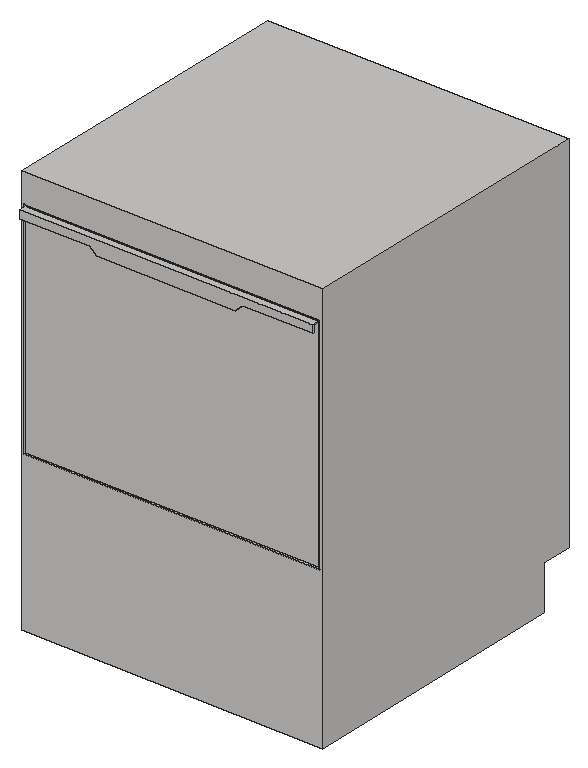
Revit family "QF_ELECTROLUXPROFESSIONAL_400221_ELA3G6", category Specialty Equipment, Revit 2018
Family settings
  Round Connector Dimension = Use Diameter
  Part Type = Normal
  Work Plane-Based = No
  Always vertical = Yes
  Cut with Voids When Loaded = No
  Shared = No
  Room Calculation Point = No
Parameters
  Weight = 60.00 kg
  Watts = 0 W
  Volts = 0 V
  URL Manufacturer = ""
  URL = "http://professional.electrolux.com/"
  Steam Supply Size = 0 mm
  Steam Supply Minimum Pressure = 0.0 Pa
  Steam Supply Maximum Pressure = 0.0 Pa
  Steam Pounds per Hour = 0
  Show Logo [instance] = yes
  Show Clearance [instance] = yes
  Refrigeration Suction Line Size = 0 mm
  Refrigeration Liquid Line Size = 0 mm
  Refrigerant Compressor Remote = yes
  Manufacturer = ""
  Phase = 0
  Model = ""
  Length Actual = 600 mm  # constant formula
  Item Number = ""
  Hot Water Size = 0 mm
  Height Actual = 820 mm  # constant formula
  HP = "7.2 HP"
  Gas Size = 0 mm
  Gas KW = 0
  Gas Input Pressure = 0 W
  Direct Waste Size = 40 mm
  Description = ""
  Depth Actual = 648 mm  # constant formula
  Cycle = 0 Hz
  Condensate Return Size = 0 mm
  Compressed Air Volume = 0.0 L/s
  Compressed Air Size = 0 mm
  Compressed Air Pressure = 0.0 Pa
  Cold Water Size = 0 mm
  Accessory = yes
Types (2, lengths in mm): name | Volts | URL Manufacturer | URL | Manufacturer | Phase | Model | Item Number | Hot Water Size | Description | Cycle
  (no name) | 0 V | "" | "http://professional.electrolux.com/" | "" | 0 | "" | "" | 0 | "" | 0 Hz
  Standard | 230 V | "http://professional.electrolux.com" | "http://professional.electrolux.com" | "Electrolux Professional" | 3 | "ELA3G6" | "400221" | 19.05 | "UNDERCOUNTER(L), WASH-SAFE, 3PH, DP, DD, 48R/H - 60HZ" | 60 Hz
Reference planes
  plane 1 "Center (Front/Back)": y = 0
  plane 2: z = 0
  plane 3 "Center (Left/Right)": x = 0
  plane 4 "LEFT": x = -300
  plane 5 "RIGHT": x = 300
  plane 6 "FRONT": y = -306
  plane 7 "BACK": y = 306
  plane 8: x = -202.5
  plane 9: x = 202.5
  plane 10: z = 830
  plane 11: z = 10
Forms (mm)
  Extrusion 1, solid, material "QF_Finishes_Stainless Steel"
    sketch origin (0, 0, 0) x (1, 0, 0) y (0, 1, 0)
      loop
        line (-300, -306) -> (300, -306) -> (300, 245) -> (-300, 245) -> (-300, -306)
    from 10 to 830
  Extrusion 2, solid, material "QF_Finishes_Stainless Steel"
    sketch origin (0, 0, 0) x (1, 0, 0) y (0, 1, 0)
      loop
        line (-300, 245) -> (300, 245) -> (300, 306) -> (-300, 306) -> (-300, 245)
    from 100 to 830
  Extrusion 3, solid, material "QF_Finishes_Stainless Steel"
    sketch origin (0, 17.5, 0) x (1, 0, 0) y (0, 1, 0)
      loop
        circle (-254, 167.5) r 12.5
      loop
        circle (254, 167.5) r 12.5
      loop
        circle (-254, -263.5) r 12.5
      loop
        circle (254, -263.5) r 12.5
    from 0 to 10
  Extrusion 4, void
    sketch origin (-300, -306, 0) x (-1, 0, 0) y (0, 0, 1)
      loop
        line (-5, 773.217) -> (-595, 773.217) -> (-595, 327.335) -> (-5, 327.335) -> (-5, 773.217)
    from 0 to 30
  Extrusion 5, solid, material "QF_Finishes_Stainless Steel"
    sketch origin (-259, -389, 768) x (0, 0, -1) y (1, 0, 0)
      loop
        circle (693, 143) r 10
    from -634 to -695
  Extrusion 6, solid, material "QF_Door-Drawer Clearances", visible <- "Show Clearance", detail levels coarse
    sketch origin (-230, -282.5, 0) x (0, 1, 0) y (0, 0, -1)
      loop
        line (-23.5, -330.419) -> (-391.5, -330.419)
        arc (-391.5, -330.419) -> (-290.693, -619.855) -> (-23.5, -770) r 432.894
        line (-23.5, -770) -> (-23.5, -330.419)
    from 61.197 to -521.306
  Extrusion 7, solid, material "QF_Finishes_Stainless Steel"
    sketch origin (-315.481, -389, 738) x (0, 0, -1) y (1, 0, 0)
      loop
        circle (663, 252.481) r 8
    from -634 to -695
  Extrusion 8, solid, material "QF_Finishes_Stainless Steel"
    sketch origin (-230, -282.5, 0) x (0, 1, 0) y (0, 0, -1)
      loop
        line (-23.5, -330.419) -> (-23.5, -770) -> (1.5, -770) -> (1.5, -330.419) -> (-23.5, -330.419)
    from 61.197 to -521.306
  Extrusion 9, solid, material "QF_Finishes_Stainless Steel"
    sketch origin (-230, -297.5, 0) x (0, 1, 0) y (0, 0, -1)
      loop
        line (-8.5, -770) -> (-8.5, -767.514) -> (-21, -767.514) -> (-21, -741.25) -> (-23.5, -741.25) -> (-23.5, -770) -> (-8.5, -770)
    from 61.197 to -521.306
  Extrusion 10, void
    sketch origin (-230, -321, 770) x (0, 0, 1) y (1, 0, 0)
      loop
        line (-15.552, -61.197) -> (-15.552, 77.909) -> (-28.75, 91.107) -> (-28.75, -61.197) -> (-15.552, -61.197)
      loop
        line (-15.552, 521.197) -> (-28.75, 521.197) -> (-28.75, 368.893) -> (-15.552, 382.091) -> (-15.552, 521.197)
    from 0 to 2.5
  Extrusion 11, solid, material "QF_Finishes_Stainless Steel"
    sketch origin (-295.988, 885.897, 763.79) x (0, -1, 0) y (1, 0, 0)
      loop
        circle (611.5, 158) r 8
    from -663.79 to -673.79
Cuts and joins
  Extrusion 4 cuts Extrusion 1
  joined: Extrusion 1, Extrusion 2
  Extrusion 10 cuts Extrusion 8
  Extrusion 10 cuts Extrusion 9
Lines and regions (mm)
  Split face 1
    outline origin (-300, -306, 830) x (0, 0, -1) y (1, 0, 0)
      loop
        line (21.579, 283.75) -> (39.683, 283.75) -> (39.683, 316.25) -> (21.579, 316.25) -> (21.579, 283.75)
  Split face 2
    outline origin (-300, -306, 830) x (0, 0, -1) y (1, 0, 0)
      loop
        line (56.783, 595) -> (56.783, 600)
      loop
        arc (56.783, 412.5) -> (28.391, 440.891) -> (0, 412.5) r 28.391
  symbolic lines
    curve 1: line (-300, 306, 0) -> (300, 306, 0)
    curve 2: line (-300, -306, 0) -> (-300, 306, 0)
    curve 3: line (300, -306, 0) -> (-300, -306, 0)
    curve 4: line (300, 306, 0) -> (300, -306, 0)
    curve 9: line (-291.197, -306, 0) -> (-291.197, -321, 0)
    curve 10: line (291.306, -321, 0) -> (291.306, -306, 0)
    curve 11: line (-291.197, -321, 0) -> (291.306, -321, 0)
  symbolic lines, style "QF_Door-Drawer Clearances"
    curve 5: line (-291.197, -674, 0) -> (291.306, -674, 0)
    curve 6: line (291.306, -674, 0) -> (291.306, -306, 0)
    curve 7: line (-291.197, -674, 0) -> (-291.197, -306, 0)
  symbolic lines, style "SpecialityEquipmentHiddenLines"
    curve 8: line (-300, 245, 0) -> (300, 245, 0)
Dimensions and locks
  equal spacing: plane 4 "LEFT", plane 3 "Center (Left/Right)", plane 5 "RIGHT"
  equal spacing: plane 7 "BACK", plane 1 "Center (Front/Back)", plane 6 "FRONT"
  plane 7 "BACK" to plane 6 "FRONT" = 612 mm
  plane 4 "LEFT" to plane 5 "RIGHT" = 600 mm
  plane 4 "LEFT" to plane 8 = 97.5 mm
  plane 9 to plane 5 "RIGHT" = 97.5 mm
  plane 11 to level = 10 mm
  plane 4 "LEFT" to plane 3 "Center (Left/Right)" = 300 mm
  plane 10 to level = 830 mm  (x2)
  plane 8 to plane 9 = 405 mm
  Extrusion 11 sketch curve to plane 4 "LEFT" = 162.012 mm
  level to Extrusion 5 sketch curve = 75 mm
  Extrusion 5 sketch curve to plane 4 "LEFT" = 184 mm
  Extrusion 7 sketch curve to plane 4 "LEFT" = 237 mm
  level to Extrusion 7 sketch curve = 75 mm
  Extrusion 3 to cut or joined group of Extrusion 1, Extrusion 2, Extrusion 4 = 121 mm
  Extrusion 3 to Extrusion 3 = 431 mm
  plane 6 "FRONT" to Extrusion 3 = 60 mm
  plane 9 to plane 8 = 405 mm
  plane 7 "BACK" to curve 5 = 980 mm
  cut or joined group of Extrusion 1, Extrusion 2, Extrusion 4 to level = 327.335 mm
  aligned and locked: level to plane 2
  aligned and locked: Extrusion 1 sketch curve to plane 6 "FRONT"
  aligned and locked: Extrusion 1 sketch curve to plane 4 "LEFT"
  aligned and locked: plane 5 "RIGHT" to Extrusion 1 sketch curve
  aligned and locked: Extrusion 1 to plane 11
  aligned and locked: Extrusion 2 sketch curve to Extrusion 1
  aligned and locked: plane 5 "RIGHT" to Extrusion 2 sketch curve
  aligned and locked: plane 11 to Extrusion 3
  aligned and locked: cut or joined group of Extrusion 9, Extrusion 10 to Extrusion 10
Automatic sketch dimensions
  Extrusion 1 sketch curve to plane 7 "BACK" = 61 mm
  Extrusion 3 sketch curve to plane 8 = 51.5 mm  (x2)
  plane 9 to Extrusion 3 sketch curve = 51.5 mm  (x2)
  plane 6 "FRONT" to Extrusion 3 sketch curve = 60 mm  (x2)
  Extrusion 3 sketch curve to plane 7 "BACK" = 121 mm  (x2)
  Extrusion 4 sketch curve to Extrusion 1 = 5 mm  (x2)
  Extrusion 4 sketch curve to Extrusion 1 = 317.335 mm
  Extrusion 4 sketch curve to Extrusion 1 = 56.783 mm
  plane 6 "FRONT" to Extrusion 8 sketch curve = 0 mm
  Extrusion 8 sketch curve to Extrusion 8 sketch curve = 25 mm
  Extrusion 9 sketch curve to plane 6 "FRONT" = 15 mm
  Extrusion 9 sketch curve to Extrusion 9 sketch curve = 2.5 mm
  Extrusion 9 sketch curve to Extrusion 9 sketch curve = 12.5 mm
  Extrusion 9 sketch curve to plane 10 = 60 mm
  Extrusion 9 sketch curve to Extrusion 9 sketch curve = 2.486 mm
  Extrusion 9 sketch curve to Extrusion 9 sketch curve = 26.264 mm
  Extrusion 2 sketch curve to Extrusion 2 sketch curve = 61 mm
  Split face 1 sketch curve to cut or joined group of Extrusion 1, Extrusion 2, Extrusion 4 = 21.579 mm
  Split face 1 sketch curve to Split face 1 sketch curve = 18.104 mm
  Split face 1 sketch curve to cut or joined group of Extrusion 1, Extrusion 2, Extrusion 4 = 278.75 mm
  Split face 1 sketch curve to Split face 1 sketch curve = 32.5 mm
  plane 11 to Extrusion 8 sketch curve = 320.419 mm
  Extrusion 8 sketch curve to plane 10 = 60 mm
  Extrusion 10 sketch curve to Extrusion 9 = 0 mm  (x2)
  Extrusion 9 to Extrusion 10 sketch curve = 0 mm
  Extrusion 10 sketch curve to Extrusion 9 = 13.198 mm  (x2)
  Extrusion 10 sketch curve to Extrusion 9 = 139.107 mm
  Extrusion 10 sketch curve to Extrusion 10 sketch curve = 13.198 mm  (x2)
  Extrusion 10 sketch curve to Extrusion 9 = 152.413 mm
  Extrusion 10 sketch curve to Extrusion 9 = 0.109 mm
  curve 3 to plane 4 "LEFT" = 0 mm
  curve 7 to plane 6 "FRONT" = 0 mm
  curve 4 to plane 5 "RIGHT" = 0 mm
  curve 2 to plane 7 "BACK" = 0 mm
  plane 4 "LEFT" to curve 5 = 8.803 mm
  curve 5 to plane 5 "RIGHT" = 8.694 mm
  plane 4 "LEFT" to curve 11 = 8.803 mm
  curve 10 to plane 5 "RIGHT" = 8.694 mm
  curve 11 to plane 6 "FRONT" = 15 mm
  curve 8 to plane 7 "BACK" = 61 mm
  Extrusion 2 sketch curve to plane 7 "BACK" = 0 mm
  Split face 2 sketch curve to cut or joined group of Extrusion 1, Extrusion 2, Extrusion 4 = 0 mm  (x5)
  Split face 2 sketch curve to cut or joined group of Extrusion 1, Extrusion 2, Extrusion 4 = 182.5 mm
  Extrusion 11 sketch curve to plane 7 "BACK" = 31.603 mm
  Extrusion 6 sketch curve to plane 6 "FRONT" = 0 mm
  plane 6 "FRONT" to Extrusion 6 sketch curve = 64.74 mm
  plane 11 to Extrusion 6 sketch curve = 331.974 mm
  Extrusion 6 sketch curve to Extrusion 6 sketch curve = 11.555 mm
  Extrusion 6 sketch curve to plane 6 "FRONT" = 368 mm
  radius of Extrusion 5 sketch curve = 10 mm
  radius of Extrusion 7 sketch curve = 8 mm
  radius of Extrusion 3 sketch curve = 12.5 mm  (x4)
  radius of Extrusion 11 sketch curve = 8 mm
Connectors
  piping at (-116, 306, 75), diameter 20
    settings: on Extrusion 5, index 1, connector inside diameter 609.6 mm, connector length 0 mm, flow factor 0, pipe flow 0.0 L/s, pressure drop 0.0 Pa, fitting loss kfactor 0, connector angle 0.00°, fixture units 0, engagement length 0 mm, angle of deflection 0.00°, flow configuration 1, flow direction 1, fitting loss method 0, system type 16, joint type 0, gender type 0, connector reference index -1, connector utility 0, adjustable connector no, is connector primary yes, connector description "Drain"
  piping at (-63, 306, 75), diameter 16
    settings: on Extrusion 7, index 3, connector inside diameter 609.6 mm, connector length 0 mm, flow factor 0, pipe flow 0.0 L/s, pressure drop 0.0 Pa, fitting loss kfactor 0, connector angle 0.00°, fixture units 0, engagement length 0 mm, angle of deflection 0.00°, flow configuration 1, flow direction 1, fitting loss method 0, system type 20, joint type 0, gender type 0, connector reference index -1, connector utility 0, adjustable connector no, is connector primary no, connector description "Cold Water Inlet"
  electrical at (-137.988, 274.397, 90), driven by "Volts"
    settings: on Extrusion 11, index 4, voltage 0 V, apparent load 0 VA, apparent load phase1 0 VA, apparent load phase2 0 VA, apparent load phase3 0 VA, power factor 1, load classification "Altro", number of poles 1, system type 31, power factor state 1, is connector primary yes, connector utility no, sub classification motor no, connector description "Electrical Connection"
